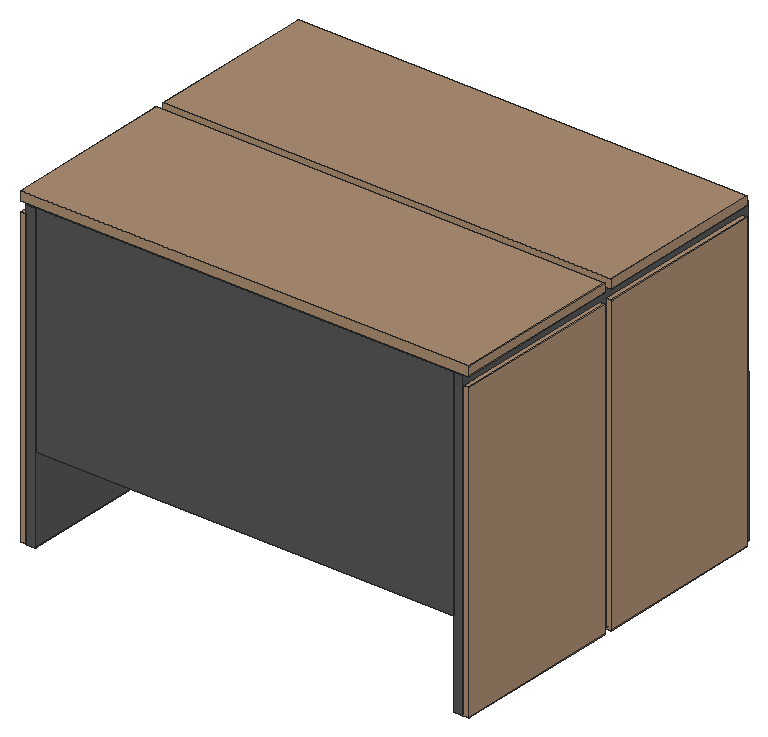
Revit family "Sanitary_Compound-Units_hansgrohe_54299XXX-Xilesa-E-Vanity-unit_780-550_2-drawers_wash-bowl-countertop-basin", category Furniture, host Face, Revit 2022
Family settings
  Host = Face
  OmniClass Number = 23.21.19.15.33.13
  OmniClass Title = Residential Bathroom Specialty Casework
  Cut with Voids When Loaded = No
  Render Appearance Source = Family Geometry
  Shared = No
  Room Calculation Point = No
Parameters (values of type "550 Cashmere Oak")
  Version = 1  # constant formula
  URL = "https://www.hansgrohe.com/"
  Product data url = "https://www.bimobject.com/en/hansgrohe/product/54299XXX"
  Product Page URL = "https://www.hansgrohe.com/articledetail--54299550"
  Model = "54299XXX"  # constant formula
  Material 3 = Hansgrohe - Metal - Black
  Material 2 = Hansgrohe - MDF - Matt Black
  Material 1 = Hansgrohe - MDF - 550 Cashmere Oak
  Manufacturer = "Hansgrohe"  # constant formula
  Height = 0 mm
  Description = "Xilesa E Vanity unit 780/550 with 2 drawers for consoles for wash bowl/countertop basin ground"  # constant formula
  Default Elevation = 0 mm
  Date Updated = ""
  Date Created = "2024/02/03"  # constant formula
Types (5, lengths in mm): name | Material 1
  (no name) | Hansgrohe - MDF - 550 Cashmere Oak
  550 Cashmere Oak | Hansgrohe - MDF - 550 Cashmere Oak
  700 Matt White | Hansgrohe - MDF - 700 Matt White
  760 Slate Matt Grey | Hansgrohe - MDF - 760 Slate Matt Grey
  780 Sand Matt Beige | Hansgrohe - MDF - 780 Sand Matt Beige
Reference planes
  plane 1 "Center (Front/Back)": y = 0
  plane 2: z = 0
  plane 3 "Center (Left/Right)": x = 0
  plane 4: x = -390
  plane 5: x = 390
  plane 6: y = -620
  plane 7: z = 548
Dimensions and locks
  aligned and locked: plane 2 to host face
  aligned and locked: level to host face
Nested families
  nested 1: "54299XXX" at (0, -620, 0) x (1, 0, 0) z (0, 1, 0), Material 1 <- "Material 1", Material 2 <- "Material 2", Material 3 <- "Material 3", type "54299XXX"
    with Material 3 Hansgrohe - Metal - Black, Material 2 Hansgrohe - MDF - Matt Black, Material 1 Hansgrohe - MDF - 550 Cashmere Oak
Definition of nested family "54299XXX"
  Parameters (values of type "54299XXX")
    Version = 1  # constant formula
    URL = "https://www.hansgrohe.com/"
    Product data url = "https://www.bimobject.com/en/hansgrohe/product/54299XXX"
    Product Page URL = "https://www.hansgrohe.com/articledetail--54299550"
    Model = "54299XXX"  # constant formula
    Material 3 [instance] = none
    Material 2 [instance] = none
    Material 1 [instance] = none
    Manufacturer = "Hansgrohe"  # constant formula
    Description = "Xilesa E Vanity unit 780/550 with 2 drawers for consoles for wash bowl/countertop basin ground"  # constant formula
    Default Elevation = 1219.2 mm
    Date Updated = ""
    Date Created = "2024/12/16"  # constant formula
  Reference planes
    plane 1 "Center (Front/Back)": y = 0
    plane 2: z = 0
    plane 3 "Center (Left/Right)": x = 0
  Forms (mm)
    Extrusion 1, solid, material <- "Material 1", detail levels medium+fine
      sketch origin (0, 0, 0) x (1, 0, 0) y (0, 1, 0)
        loop
          line (-380.6, 0) -> (-389.2, 0)
          arc (-389.2, 0) -> (-389.766, -0.234) -> (-390, -0.8) r 0.8
          line (-390, -0.8) -> (-390, -513.9)
          arc (-390, -513.9) -> (-389.766, -514.466) -> (-389.2, -514.7) r 0.8
          line (-389.2, -514.7) -> (-380.6, -514.7)
          arc (-380.6, -514.7) -> (-380.034, -514.466) -> (-379.8, -513.9) r 0.8
          line (-379.8, -513.9) -> (-379.8, -0.8)
          arc (-379.8, -0.8) -> (-380.034, -0.234) -> (-380.6, 0) r 0.8
        loop
          arc (380.6, 0) -> (380.034, -0.234) -> (379.8, -0.8) r 0.8
          line (379.8, -0.8) -> (379.8, -513.9)
          arc (379.8, -513.9) -> (380.034, -514.466) -> (380.6, -514.7) r 0.8
          line (380.6, -514.7) -> (389.2, -514.7)
          arc (389.2, -514.7) -> (389.766, -514.466) -> (390, -513.9) r 0.8
          line (390, -513.9) -> (390, -0.8)
          arc (390, -0.8) -> (389.766, -0.234) -> (389.2, 0) r 0.8
          line (389.2, 0) -> (380.6, 0)
      from 0 to 295
    Extrusion 2, solid, material <- "Material 1", detail levels medium+fine
      sketch origin (0, -170, 0) x (1, 0, 0) y (0, 1, 0)
        loop
          line (-389.2, -378) -> (389.2, -378)
          arc (389.2, -378) -> (389.766, -377.766) -> (390, -377.2) r 0.8
          line (390, -377.2) -> (390, -362.5)
          arc (390, -362.5) -> (389.766, -361.934) -> (389.2, -361.7) r 0.8
          line (389.2, -361.7) -> (-389.2, -361.7)
          arc (-389.2, -361.7) -> (-389.766, -361.934) -> (-390, -362.5) r 0.8
          line (-390, -362.5) -> (-390, -377.2)
          arc (-390, -377.2) -> (-389.766, -377.766) -> (-389.2, -378) r 0.8
      from 0 to 295
    Extrusion 3, solid, material <- "Material 2", detail levels medium+fine
      sketch origin (0, 0, 0) x (1, 0, 0) y (0, 1, 0)
        loop
          line (-379.8, -0.8) -> (-379.8, -528.9)
          arc (-379.8, -528.9) -> (-379.566, -529.466) -> (-379, -529.7) r 0.8
          line (-379, -529.7) -> (-364.6, -529.7)
          arc (-364.6, -529.7) -> (-364.034, -529.466) -> (-363.8, -528.9) r 0.8
          line (-363.8, -528.9) -> (-363.8, -0.8)
          arc (-363.8, -0.8) -> (-364.034, -0.234) -> (-364.6, 0) r 0.8
          line (-364.6, 0) -> (-379, 0)
          arc (-379, 0) -> (-379.566, -0.234) -> (-379.8, -0.8) r 0.8
        loop
          arc (379.8, -0.8) -> (379.566, -0.234) -> (379, 0) r 0.8
          line (379, 0) -> (364.6, 0)
          arc (364.6, 0) -> (364.034, -0.234) -> (363.8, -0.8) r 0.8
          line (363.8, -0.8) -> (363.8, -528.9)
          arc (363.8, -528.9) -> (364.034, -529.466) -> (364.6, -529.7) r 0.8
          line (364.6, -529.7) -> (379, -529.7)
          arc (379, -529.7) -> (379.566, -529.466) -> (379.8, -528.9) r 0.8
          line (379.8, -528.9) -> (379.8, -0.8)
      from 0 to 620
    Extrusion 4, solid, material <- "Material 2", detail levels fine
      sketch origin (0, -84.5, 0) x (1, 0, 0) y (0, 1, 0)
        loop
          line (-363.8, -65.2) -> (-363.8, -81.2) -> (363.8, -81.2) -> (363.8, -65.2) -> (-363.8, -65.2)
      from 17 to 125
    Extrusion 5, solid, material <- "Material 2", detail levels fine
      sketch origin (0, -80, 0) x (1, 0, 0) y (0, 1, 0)
        loop
          line (-363.8, -69.2) -> (-363.8, -449.7) -> (363.8, -449.7) -> (363.8, -69.2) -> (-363.8, -69.2)
      from 1 to 17
    Extrusion 6, solid, material <- "Material 3", detail levels fine
      sketch origin (0, -170, 0) x (1, 0, 0) y (0, 1, 0)
        loop
          line (-362.3, -356.9) -> (-362.3, -329.2) -> (-363.8, -329.2) -> (-363.8, -356.9)
          arc (-363.8, -356.9) -> (-363.126, -358.527) -> (-361.5, -359.2) r 2.3
          line (-361.5, -359.2) -> (361.5, -359.2)
          arc (361.5, -359.2) -> (363.126, -358.527) -> (363.8, -356.9) r 2.3
          line (363.8, -356.9) -> (363.8, -329.2) -> (362.3, -329.2) -> (362.3, -356.9)
          arc (362.3, -356.9) -> (362.066, -357.466) -> (361.5, -357.7) r 0.8
          line (361.5, -357.7) -> (-361.5, -357.7)
          arc (-361.5, -357.7) -> (-362.066, -357.466) -> (-362.3, -356.9) r 0.8
      from 567.263 to 617.263
    Extrusion 7, solid, material <- "Material 3", detail levels fine
      sketch origin (150, -80, 1) x (1, 0, 0) y (0, 0, 1)
        loop
          line (198.3, 213.03) -> (198.3, 231.03) -> (183.3, 231.03) -> (183.3, 224.03) -> (192.95, 224.03) -> (192.95, 213.03) -> (198.3, 213.03)
      from 88.7 to 361.7
    Extrusion 8, solid, material <- "Material 3", detail levels fine
      sketch origin (150, -80, 1) x (1, 0, 0) y (0, 0, 1)
        loop
          line (200.05, 211.28) -> (200.05, 232.78) -> (181.55, 232.78) -> (181.55, 211.28) -> (200.05, 211.28)
      from 451.7 to 361.7
    Extrusion 9, solid, material <- "Material 3", detail levels fine
      sketch origin (0, -79.05, 1) x (1, 0, 0) y (0, 0, 1)
        loop
          line (-342.5, 223.8) -> (-342.5, 113.608) -> (-348.2, 97.947) -> (-348.2, 48) -> (-319.9, 48) -> (-319.9, 223.8) -> (-342.5, 223.8)
        loop
          line (342.5, 223.8) -> (319.9, 223.8) -> (319.9, 48) -> (348.2, 48) -> (348.2, 97.947) -> (342.5, 113.608) -> (342.5, 223.8)
      from 91.9 to 109.4
    Extrusion 10, void
      sketch origin (0, -79.05, 1) x (1, 0, 0) y (0, 0, 1)
        loop
          line (-341.5, 222.8) -> (-341.5, 113.431) -> (-347.2, 97.771) -> (-347.2, 49) -> (-320.9, 49) -> (-320.9, 222.8) -> (-341.5, 222.8)
        loop
          line (341.5, 222.8) -> (320.9, 222.8) -> (320.9, 49) -> (347.2, 49) -> (347.2, 97.771) -> (341.5, 113.431) -> (341.5, 222.8)
      from 91.9 to 108.7
    Extrusion 11, solid, material <- "Material 2", detail levels fine
      sketch origin (0, -79.05, 0) x (0, 1, 0) y (0, 0, 1)
        loop
          line (-92.7, 35.48) -> (-92.7, 114.5)
          arc (-92.7, 114.5) -> (-92.847, 114.854) -> (-93.2, 115) r 0.5
          line (-93.2, 115) -> (-108.2, 115)
          arc (-108.2, 115) -> (-108.554, 114.854) -> (-108.7, 114.5) r 0.5
          line (-108.7, 114.5) -> (-108.7, 35.48)
          arc (-108.7, 35.48) -> (-108.554, 35.126) -> (-108.2, 34.98) r 0.5
          line (-108.2, 34.98) -> (-93.2, 34.98)
          arc (-93.2, 34.98) -> (-92.847, 35.126) -> (-92.7, 35.48) r 0.5
      from -320 to 320
    Extrusion 12, solid, material <- "Material 3", detail levels fine
      sketch origin (-150, -80, 1) x (-1, 0, 0) y (0, 0, -1)
        loop
          line (198.3, -213.03) -> (192.95, -213.03) -> (192.95, -224.03) -> (183.3, -224.03) -> (183.3, -231.03) -> (198.3, -231.03) -> (198.3, -213.03)
      from 88.7 to 361.7
    Extrusion 13, solid, material <- "Material 3", detail levels fine
      sketch origin (-150, -80, 1) x (-1, 0, 0) y (0, 0, -1)
        loop
          line (200.05, -211.28) -> (181.55, -211.28) -> (181.55, -232.78) -> (200.05, -232.78) -> (200.05, -211.28)
      from 451.7 to 361.7
    Extrusion 14, solid, material <- "Material 1", detail levels coarse
      sketch origin (0, 0, 0) x (1, 0, 0) y (0, 1, 0)
        loop
          line (-390, -548) -> (390, -548) -> (390, 0) -> (363.8, 0) -> (363.8, -531.7) -> (-363.8, -531.7) -> (-363.8, 0) -> (-390, 0) -> (-390, -548)
      from 0 to 620
    Extrusion 15, solid, material <- "Material 1", detail levels medium+fine
      sketch origin (0, 0, 0) x (1, 0, 0) y (0, 1, 0)
        loop
          line (-380.6, 0) -> (-389.2, 0)
          arc (-389.2, 0) -> (-389.766, -0.234) -> (-390, -0.8) r 0.8
          line (-390, -0.8) -> (-390, -513.9)
          arc (-390, -513.9) -> (-389.766, -514.466) -> (-389.2, -514.7) r 0.8
          line (-389.2, -514.7) -> (-380.6, -514.7)
          arc (-380.6, -514.7) -> (-380.034, -514.466) -> (-379.8, -513.9) r 0.8
          line (-379.8, -513.9) -> (-379.8, -0.8)
          arc (-379.8, -0.8) -> (-380.034, -0.234) -> (-380.6, 0) r 0.8
        loop
          arc (380.6, 0) -> (380.034, -0.234) -> (379.8, -0.8) r 0.8
          line (379.8, -0.8) -> (379.8, -513.9)
          arc (379.8, -513.9) -> (380.034, -514.466) -> (380.6, -514.7) r 0.8
          line (380.6, -514.7) -> (389.2, -514.7)
          arc (389.2, -514.7) -> (389.766, -514.466) -> (390, -513.9) r 0.8
          line (390, -513.9) -> (390, -0.8)
          arc (390, -0.8) -> (389.766, -0.234) -> (389.2, 0) r 0.8
          line (389.2, 0) -> (380.6, 0)
      from 310 to 605
    Extrusion 16, solid, material <- "Material 1", detail levels medium+fine
      sketch origin (0, -90, 0) x (1, 0, 0) y (0, 1, 0)
        loop
          line (-389.2, -458) -> (389.2, -458)
          arc (389.2, -458) -> (389.766, -457.766) -> (390, -457.2) r 0.8
          line (390, -457.2) -> (390, -442.5)
          arc (390, -442.5) -> (389.766, -441.934) -> (389.2, -441.7) r 0.8
          line (389.2, -441.7) -> (-389.2, -441.7)
          arc (-389.2, -441.7) -> (-389.766, -441.934) -> (-390, -442.5) r 0.8
          line (-390, -442.5) -> (-390, -457.2)
          arc (-390, -457.2) -> (-389.766, -457.766) -> (-389.2, -458) r 0.8
      from 310 to 605
    Extrusion 17, solid, material <- "Material 2", detail levels fine
      sketch origin (0, -80, 311) x (1, 0, 0) y (0, 0, 1)
        loop
          line (-322.898, 33.98) -> (322.898, 33.98) -> (322.898, 48.98) -> (-322.898, 48.98) -> (-322.898, 33.98)
      from 107.75 to 451.7
    Extrusion 18, solid, material <- "Material 3", detail levels fine
      sketch origin (150, 0, 311) x (1, 0, 0) y (0, 0, 1)
        loop
          line (198.3, 213.03) -> (198.3, 231.03) -> (183.3, 231.03) -> (183.3, 224.03) -> (192.95, 224.03) -> (192.95, 213.03) -> (198.3, 213.03)
      from 168.7 to 441.7
    Extrusion 19, solid, material <- "Material 3", detail levels fine
      sketch origin (150, -80, 311) x (1, 0, 0) y (0, 0, 1)
        loop
          line (200.05, 211.28) -> (200.05, 232.78) -> (181.55, 232.78) -> (181.55, 211.28) -> (200.05, 211.28)
      from 451.7 to 361.7
    Extrusion 20, solid, material <- "Material 3", detail levels fine
      sketch origin (0, -79.05, 311) x (1, 0, 0) y (0, 0, 1)
        loop
          line (-342.5, 223.8) -> (-342.5, 113.608) -> (-348.2, 97.947) -> (-348.2, 48) -> (-319.9, 48) -> (-319.9, 223.8) -> (-342.5, 223.8)
        loop
          line (342.5, 223.8) -> (319.9, 223.8) -> (319.9, 48) -> (348.2, 48) -> (348.2, 97.947) -> (342.5, 113.608) -> (342.5, 223.8)
      from 91.9 to 109.4
    Extrusion 21, void
      sketch origin (0, -79.05, 311) x (1, 0, 0) y (0, 0, 1)
        loop
          line (-341.5, 222.8) -> (-341.5, 113.431) -> (-347.2, 97.771) -> (-347.2, 49) -> (-320.9, 49) -> (-320.9, 222.8) -> (-341.5, 222.8)
        loop
          line (341.5, 222.8) -> (320.9, 222.8) -> (320.9, 49) -> (347.2, 49) -> (347.2, 97.771) -> (341.5, 113.431) -> (341.5, 222.8)
      from 91.9 to 108.7
    Extrusion 22, solid, material <- "Material 3", detail levels fine
      sketch origin (-150, 0, 311) x (-1, 0, 0) y (0, 0, -1)
        loop
          line (198.3, -213.03) -> (192.95, -213.03) -> (192.95, -224.03) -> (183.3, -224.03) -> (183.3, -231.03) -> (198.3, -231.03) -> (198.3, -213.03)
      from 168.7 to 441.7
    Extrusion 23, solid, material <- "Material 3", detail levels fine
      sketch origin (-150, -80, 311) x (-1, 0, 0) y (0, 0, -1)
        loop
          line (200.05, -211.28) -> (181.55, -211.28) -> (181.55, -232.78) -> (200.05, -232.78) -> (200.05, -211.28)
      from 451.7 to 361.7
    Extrusion 24, solid, material <- "Material 3", detail levels fine
      sketch origin (0, -170, 0) x (1, 0, 0) y (0, 1, 0)
        loop
          line (-362.3, -356.9) -> (-362.3, -329.2) -> (-363.8, -329.2) -> (-363.8, -356.9)
          arc (-363.8, -356.9) -> (-363.126, -358.527) -> (-361.5, -359.2) r 2.3
          line (-361.5, -359.2) -> (361.5, -359.2)
          arc (361.5, -359.2) -> (363.126, -358.527) -> (363.8, -356.9) r 2.3
          line (363.8, -356.9) -> (363.8, -329.2) -> (362.3, -329.2) -> (362.3, -356.9)
          arc (362.3, -356.9) -> (362.066, -357.466) -> (361.5, -357.7) r 0.8
          line (361.5, -357.7) -> (-361.5, -357.7)
          arc (-361.5, -357.7) -> (-362.066, -357.466) -> (-362.3, -356.9) r 0.8
      from 277 to 327
    Extrusion 25, solid, material <- "Material 2", detail levels fine
      sketch origin (0, -80, 1) x (1, 0, 0) y (0, 0, 1)
        loop
          line (-322.898, 33.98) -> (322.898, 33.98) -> (322.898, 48.98) -> (-322.898, 48.98) -> (-322.898, 33.98)
      from 107.75 to 451.7
    Extrusion 26, solid, material <- "Material 2", detail levels fine
      sketch origin (0, -79.05, 310) x (0, 1, 0) y (0, 0, 1)
        loop
          line (-92.7, 35.48) -> (-92.7, 114.5)
          arc (-92.7, 114.5) -> (-92.847, 114.854) -> (-93.2, 115) r 0.5
          line (-93.2, 115) -> (-108.2, 115)
          arc (-108.2, 115) -> (-108.554, 114.854) -> (-108.7, 114.5) r 0.5
          line (-108.7, 114.5) -> (-108.7, 35.48)
          arc (-108.7, 35.48) -> (-108.554, 35.127) -> (-108.2, 34.98) r 0.5
          line (-108.2, 34.98) -> (-93.2, 34.98)
          arc (-93.2, 34.98) -> (-92.847, 35.127) -> (-92.7, 35.48) r 0.5
      from -320 to 320
    Extrusion 27, solid, material <- "Material 3", detail levels fine
      sketch origin (0, -80, 311) x (1, 0, 0) y (0, 0, 1)
        loop
          line (352.091, 33.98) -> (352.091, 115.48) -> (333.591, 115.48) -> (332.786, 100.114) -> (330.22, 99.98) -> (327.791, 53.623)
          arc (327.791, 53.623) -> (326.271, 50.325) -> (322.898, 48.98) r 4.9
          line (322.898, 48.98) -> (322.898, 33.98) -> (352.091, 33.98)
        loop
          line (-352.091, 33.98) -> (-322.898, 33.98) -> (-322.898, 48.98)
          arc (-322.898, 48.98) -> (-326.271, 50.325) -> (-327.791, 53.623) r 4.9
          line (-327.791, 53.623) -> (-330.22, 99.98) -> (-332.786, 100.114) -> (-333.591, 115.48) -> (-352.091, 115.48) -> (-352.091, 33.98)
      from 107.75 to 451.7
    Extrusion 28, solid, material <- "Material 3", detail levels fine
      sketch origin (0, -80, 1) x (1, 0, 0) y (0, 0, 1)
        loop
          line (352.091, 33.98) -> (352.091, 115.48) -> (333.591, 115.48) -> (332.786, 100.114) -> (330.22, 99.98) -> (327.791, 53.623)
          arc (327.791, 53.623) -> (326.271, 50.325) -> (322.898, 48.98) r 4.9
          line (322.898, 48.98) -> (322.898, 33.98) -> (352.091, 33.98)
        loop
          line (-352.091, 33.98) -> (-322.898, 33.98) -> (-322.898, 48.98)
          arc (-322.898, 48.98) -> (-326.271, 50.325) -> (-327.791, 53.623) r 4.9
          line (-327.791, 53.623) -> (-330.22, 99.98) -> (-332.786, 100.114) -> (-333.591, 115.48) -> (-352.091, 115.48) -> (-352.091, 33.98)
      from 107.75 to 451.7
  Cuts and joins
    Extrusion 10 cuts Extrusion 9
    Extrusion 21 cuts Extrusion 20
  Lines and regions (mm)
    Masking region 1
      outline origin (0, 0, 0) x (1, 0, 0) y (0, 1, 0)
        loop
          line (-390, -0.8) -> (-390, -513.9)
          arc (-390, -513.9) -> (-389.766, -514.466) -> (-389.2, -514.7) r 0.8
          line (-389.2, -514.7) -> (-380.6, -514.7)
          arc (-380.6, -514.7) -> (-380.034, -514.466) -> (-379.8, -513.9) r 0.8
          line (-379.8, -513.9) -> (-379.8, -531.7) -> (-389.2, -531.7)
          arc (-389.2, -531.7) -> (-389.766, -531.934) -> (-390, -532.5) r 0.8
          line (-390, -532.5) -> (-390, -547.2)
          arc (-390, -547.2) -> (-389.766, -547.766) -> (-389.2, -548) r 0.8
          line (-389.2, -548) -> (0, -548) -> (389.2, -548)
          arc (389.2, -548) -> (389.766, -547.766) -> (390, -547.2) r 0.8
          line (390, -547.2) -> (390, -532.5)
          arc (390, -532.5) -> (389.766, -531.934) -> (389.2, -531.7) r 0.8
          line (389.2, -531.7) -> (379.8, -531.7) -> (379.8, -513.9)
          arc (379.8, -513.9) -> (380.034, -514.466) -> (380.6, -514.7) r 0.8
          line (380.6, -514.7) -> (389.2, -514.7)
          arc (389.2, -514.7) -> (389.766, -514.466) -> (390, -513.9) r 0.8
          line (390, -513.9) -> (390, -0.8)
          arc (390, -0.8) -> (389.766, -0.234) -> (389.2, 0) r 0.8
          line (389.2, 0) -> (380.6, 0)
          arc (380.6, 0) -> (380.034, -0.234) -> (379.8, -0.8) r 0.8
          arc (379.8, -0.8) -> (379.566, -0.234) -> (379, 0) r 0.8
          line (379, 0) -> (364.6, 0)
          arc (364.6, 0) -> (364.034, -0.234) -> (363.8, -0.8) r 0.8
          line (363.8, -0.8) -> (363.8, -149.2) -> (0, -149.2) -> (-363.8, -149.2) -> (-363.8, -0.8)
          arc (-363.8, -0.8) -> (-364.034, -0.234) -> (-364.6, 0) r 0.8
          line (-364.6, 0) -> (-379, 0)
          arc (-379, 0) -> (-379.566, -0.234) -> (-379.8, -0.8) r 0.8
          arc (-379.8, -0.8) -> (-380.034, -0.234) -> (-380.6, 0) r 0.8
          line (-380.6, 0) -> (-389.2, 0)
          arc (-389.2, 0) -> (-389.766, -0.234) -> (-390, -0.8) r 0.8
    Masking region 2
      outline origin (0, 0, 0) x (0, 1, 0) y (0, 0, 1)
        loop
          line (-529.7, 620) -> (-529.7, 543.78) -> (-531.7, 543.78) -> (-531.7, 605) -> (-548, 605) -> (-548, 310) -> (-531.7, 310) -> (-531.7, 344.98) -> (-529.7, 344.98) -> (-529.7, 233.78) -> (-531.7, 233.78) -> (-531.7, 295) -> (-548, 295) -> (-548, 0) -> (-531.7, 0) -> (-531.7, 34.98) -> (-529.7, 34.98) -> (-529.7, 0) -> (0, 0) -> (0, 620) -> (-529.7, 620)
    Masking region 3
      outline origin (0, 0, 0) x (1, 0, 0) y (0, 0, 1)
        loop
          line (-390, 605) -> (-390, 310) -> (-379.8, 310) -> (-379.8, 295) -> (-390, 295) -> (-390, 0) -> (0, 0) -> (390, 0) -> (390, 295) -> (379.8, 295) -> (379.8, 310) -> (390, 310) -> (390, 605) -> (379.8, 605) -> (379.8, 620) -> (0, 620) -> (-379.8, 620) -> (-379.8, 605) -> (-390, 605)
    symbolic lines, detail levels medium+fine
      curve 1: line (-379.8, -531.7, 0) -> (0, -531.7, 0)
      curve 2: line (-363.8, -144.7, 0) -> (-363.8, -531.7, 0)
      curve 3: line (-379.8, -0.8, 0) -> (-379.8, -513.9, 0)
      curve 4: line (-363.8, -161.2, 0) -> (0, -161.2, 0)
      curve 25: line (379.8, -531.7, 0) -> (0, -531.7, 0)
      curve 26: line (363.8, -144.7, 0) -> (363.8, -531.7, 0)
      curve 27: line (379.8, -0.8, 0) -> (379.8, -513.9, 0)
      curve 28: line (363.8, -161.2, 0) -> (0, -161.2, 0)
      curve 49: line (0, -531.7, 33.98) -> (0, -531.7, 233.78)
      curve 50: line (0, -529.7, 543.78) -> (0, -529.7, 344.98)
      curve 53: line (0, -531.7, 212.28) -> (0, -529.7, 212.28)
      curve 54: line (0, -531.7, 116.48) -> (0, -529.7, 116.48)
      curve 55: line (-379.8, 0, 605) -> (379.8, 0, 605)
      curve 56: line (-363.8, 0, 620) -> (-363.8, 0, 605)
      curve 57: line (363.8, 0, 620) -> (363.8, 0, 605)
      curve 62: line (0, -531.7, 344.98) -> (0, -531.7, 543.78)
      curve 63: line (0, -529.7, 233.78) -> (0, -529.7, 33.98)
      curve 65: line (-379.8, 0, 310) -> (379.8, 0, 310)
      curve 66: line (379.8, 0, 295) -> (-379.8, 0, 295)
    symbolic lines, detail levels fine
      curve 5: line (-352.091, -161.2, 0) -> (-352.091, -509.2, 0)
      curve 6: line (-330.22, -161.2, 0) -> (-330.22, -171.9, 0)
      curve 7: line (0, -171.9, 0) -> (-333.3, -171.9, 0)
      curve 8: line (-333.3, -189.4, 0) -> (0, -189.4, 0)
      curve 9: line (-348.3, -168.7, 0) -> (-348.3, -441.7, 0)
      curve 10: line (-333.3, -168.7, 0) -> (-348.3, -168.7, 0)
      curve 11: line (-350.05, -441.7, 0) -> (-350.05, -509.2, 0)
      curve 12: line (-350.05, -441.7, 0) -> (-331.55, -441.7, 0)
      curve 13: line (-331.55, -441.7, 0) -> (-331.55, -509.2, 0)
      curve 14: line (0, -527.7, 0) -> (-361.5, -527.7, 0)
      curve 15: arc (-361.5, -527.7, 0) -> (-362.066, -527.466, 0) -> (-362.3, -526.9, 0) r 0.8
      curve 16: line (-362.3, -526.9, 0) -> (-362.3, -499.2, 0)
      curve 17: line (-362.3, -499.2, 0) -> (-363.8, -499.2, 0)
      curve 18: arc (-363.8, -526.9, 0) -> (-363.126, -528.526, 0) -> (-361.5, -529.2, 0) r 2.3
      curve 19: line (-361.5, -529.2, 0) -> (0, -529.2, 0)
      curve 20: line (-352.091, -529.2, 0) -> (-352.091, -531.7, 0)
      curve 21: line (-350.05, -529.2, 0) -> (-350.05, -531.7, 0)
      curve 22: line (-333.3, -441.7, 0) -> (-333.3, -168.7, 0)
      curve 23: line (-331.55, -529.2, 0) -> (-331.55, -531.7, 0)
      curve 24: line (-330.22, -529.2, 0) -> (-330.22, -531.7, 0)
      curve 29: line (352.091, -161.2, 0) -> (352.091, -509.2, 0)
      curve 30: line (330.22, -161.2, 0) -> (330.22, -171.9, 0)
      curve 31: line (0, -171.9, 0) -> (333.3, -171.9, 0)
      curve 32: line (333.3, -189.4, 0) -> (0, -189.4, 0)
      curve 33: line (348.3, -168.7, 0) -> (348.3, -441.7, 0)
      curve 34: line (333.3, -168.7, 0) -> (348.3, -168.7, 0)
      curve 35: line (350.05, -441.7, 0) -> (350.05, -509.2, 0)
      curve 36: line (350.05, -441.7, 0) -> (331.55, -441.7, 0)
      curve 37: line (331.55, -441.7, 0) -> (331.55, -509.2, 0)
      curve 38: line (0, -527.7, 0) -> (361.5, -527.7, 0)
      curve 39: arc (361.5, -527.7, 0) -> (362.066, -527.466, 0) -> (362.3, -526.9, 0) r 0.8
      curve 40: line (362.3, -526.9, 0) -> (362.3, -499.2, 0)
      curve 41: line (362.3, -499.2, 0) -> (363.8, -499.2, 0)
      curve 42: arc (363.8, -526.9, 0) -> (363.126, -528.526, 0) -> (361.5, -529.2, 0) r 2.3
      curve 43: line (361.5, -529.2, 0) -> (0, -529.2, 0)
      curve 44: line (352.091, -529.2, 0) -> (352.091, -531.7, 0)
      curve 45: line (350.05, -529.2, 0) -> (350.05, -531.7, 0)
      curve 46: line (333.3, -441.7, 0) -> (333.3, -168.7, 0)
      curve 47: line (331.55, -529.2, 0) -> (331.55, -531.7, 0)
      curve 48: line (330.22, -529.2, 0) -> (330.22, -531.7, 0)
      curve 51: line (0, 0, 605) -> (0, -514.7, 605)
      curve 52: line (0, -514.7, 605) -> (0, -514.7, 310)
      curve 58: line (0, -514.7, 310) -> (0, 0, 310)
      curve 59: line (0, 0, 295) -> (0, -514.7, 295)
      curve 60: line (0, -514.7, 295) -> (0, -514.7, 0)
      curve 61: line (0, -531.7, 522.28) -> (0, -529.7, 522.28)
      curve 64: line (0, -529.7, 426.5) -> (0, -531.7, 426.5)
      curve 67: line (330.22, -189.4, 0) -> (330.22, -509.2, 0)
      curve 68: line (-330.22, -189.4, 0) -> (-330.22, -509.2, 0)
      curve 69: line (362.3, -509.2, 0) -> (-362.3, -509.2, 0)
  Dimensions and locks
    aligned and locked: level to plane 2
    aligned and locked: Extrusion 18 to Extrusion 19
